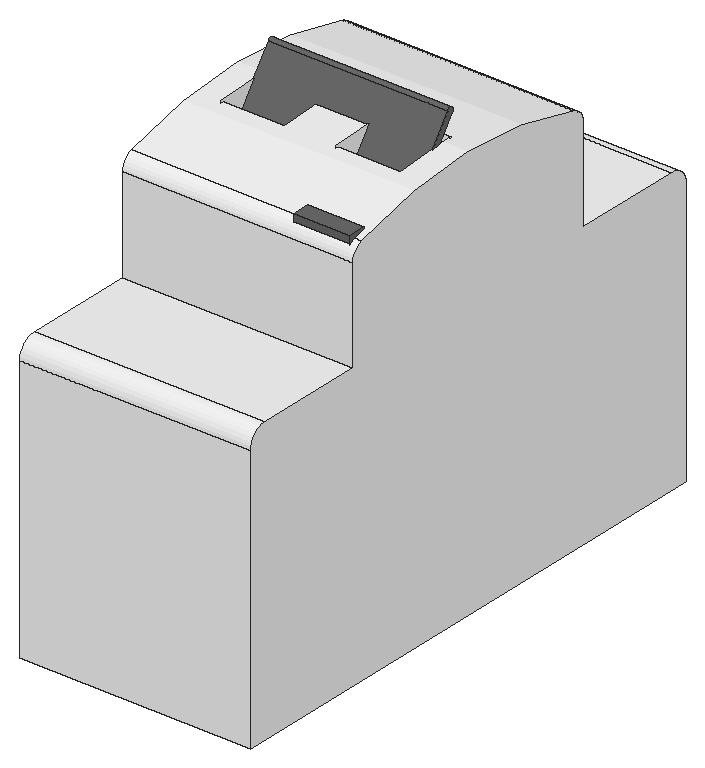
Revit family "Power-ModularDevices-GEWISS-90RCD-MDC45_1PN", category Apparecchi elettrici, host Superficie, Revit 2016 (continued)
Definition of nested family "MAGTERDF"
  Lines and regions (mm)
    detail lines, not visible
      curve 46: circle (-0.56, 2.417, 0) r 0.969 normal (0, 0, 1)
      curve 47: line (-0.005, 3.21, 0) -> (0.852, 4.433, 0)
      curve 48: line (0.852, 4.433, 0) -> (1.529, 3.951, 0)
      curve 49: circle (-0.56, 2.417, 0) r 0.969 normal (0, 0, 1)
      curve 50: line (-0.005, 3.21, 0) -> (0.852, 4.433, 0)
      curve 51: line (0.852, 4.433, 0) -> (1.529, 3.951, 0)
      curve 52: line (-1.245, 3.102, 0) -> (0.124, 1.732, 0)
      curve 53: line (0.124, 3.102, 0) -> (-1.245, 1.732, 0)
      curve 54: line (0.493, 3.921, 0) -> (1.167, 3.442, 0)
      curve 55: line (0.493, 3.921, 0) -> (1.167, 3.442, 0)
      curve 56: circle (-0.56, 2.417, 0) r 0.969 normal (0, 0, 1)
      curve 57: line (-0.005, 3.21, 0) -> (0.852, 4.433, 0)
      curve 58: line (0.852, 4.433, 0) -> (1.529, 3.951, 0)
      curve 59: line (-0.56, 2.979, 0) -> (-0.56, 1.854, 0)
      curve 60: line (0.493, 3.921, 0) -> (1.167, 3.442, 0)
      curve 73: line (-1.644, 2.848, 0) -> (1.644, 2.848, 0)
      curve 74: line (-1.644, 0.61, 0) -> (-1.644, 2.848, 0)
      curve 75: line (1.644, 0.61, 0) -> (-1.644, 0.61, 0)
      curve 76: line (1.644, 2.848, 0) -> (1.644, 0.61, 0)
      curve 77: line (-1.325, 0.987, 0) -> (1.325, 0.987, 0)
      curve 78: circle (0, 1.912, 0) r 0.5 normal (0, 0, 1)
      curve 79: circle (0, 1.912, 0) r 0.8 normal (0, 0, 1)
      curve 80: line (-1.325, 0.987, 0) -> (1.325, 0.987, 0)
      curve 81: line (-0.354, 2.265, 0) -> (0.354, 1.558, 0)
      curve 82: line (0.354, 2.265, 0) -> (-0.354, 1.558, 0)
  Dimensions and locks
    "Distanza dal muro": plane 1 to nested 1
    aligned and locked: curve 5 to curve 3
    aligned and locked: plane 2 to nested 1
  Nested families
    nested 1: "MAGTERDF_BASE" at (0, 4.208, 0), BORDO ACCESO <- "BORDO ACCESO", visible <- "SIMBOLO", type "SIMBOLO"
      with TESTO ELETTRICO "Id", BORDO ACCESO yes
  Definition of nested family "MAGTERDF_BASE"
    Parameters (values of type "SIMBOLO")
      TESTO ELETTRICO [instance] = "Id"
      BORDO ACCESO [instance] = yes
    Reference planes
      plane 1: y = 0
      plane 2: x = 0
    Lines and regions (mm)
      detail lines, visible <- "BORDO ACCESO", not visible
        curve 1: line (-1.943, 9.208, 0) -> (1.857, 9.208, 0)
        curve 2: line (1.857, 9.208, 0) -> (1.857, 4.208, 0)
        curve 3: line (1.857, 4.208, 0) -> (-1.943, 4.208, 0)
        curve 4: line (-1.943, 4.208, 0) -> (-1.943, 9.208, 0)
        curve 5: line (-1.743, 9.008, 0) -> (1.657, 9.008, 0)
        curve 6: line (1.657, 9.008, 0) -> (1.657, 4.408, 0)
        curve 7: line (1.657, 4.408, 0) -> (-1.743, 4.408, 0)
        curve 8: line (-1.743, 4.408, 0) -> (-1.743, 9.008, 0)
      detail lines, not visible
        curve 9: line (-1.644, 2.848, 0) -> (1.644, 2.848, 0)
        curve 10: line (-1.644, 0.61, 0) -> (-1.644, 2.848, 0)
        curve 11: line (1.644, 0.61, 0) -> (-1.644, 0.61, 0)
        curve 12: line (1.644, 2.848, 0) -> (1.644, 0.61, 0)
        curve 13: line (-1.325, 0.987, 0) -> (1.325, 0.987, 0)
        curve 14: circle (0, 1.912, 0) r 0.5 normal (0, 0, 1)
        curve 15: circle (0, 1.912, 0) r 0.8 normal (0, 0, 1)
        curve 16: line (-1.325, 0.987, 0) -> (1.325, 0.987, 0)
        curve 17: line (-0.354, 2.265, 0) -> (0.354, 1.558, 0)
        curve 18: line (0.354, 2.265, 0) -> (-0.354, 1.558, 0)
        curve 19: circle (0, -4.588, 0) r 1 normal (0, 0, 1)
        curve 20: circle (0, -4.588, 0) r 0.749 normal (0, 0, 1)
        curve 21: line (0.53, -5.117, 0) -> (-0.53, -4.058, 0)
        curve 22: line (-0.53, -5.117, 0) -> (0.53, -4.058, 0)
        curve 23: circle (0, -6.992, 0) r 1 normal (0, 0, 1)
        curve 24: circle (0, -6.992, 0) r 0.749 normal (0, 0, 1)
        curve 25: circle (0, -8.992, 0) r 1 normal (0, 0, 1)
        curve 26: circle (0, -8.992, 0) r 0.749 normal (0, 0, 1)
        curve 27: circle (0, 2.508, 0) r 0.527 normal (0, 0, 1)
        curve 28: line (0, 2.809, 0) -> (0, 2.179, 0)
        curve 29: circle (0, 2.508, 0) r 0.394 normal (0, 0, 1)
        curve 30: line (0, 1.982, 0) -> (0, 1.691, 0)
        curve 31: line (-0.162, 1.691, 0) -> (0.162, 1.691, 0)
        curve 32: line (-0.162, 1.691, 0) -> (0, 1.41, 0)
        curve 33: line (0, 1.41, 0) -> (0.162, 1.691, 0)
        curve 34: line (-0.866, 3.093, 0) -> (0.866, 3.093, 0)
        curve 35: line (-0.866, 1.915, 0) -> (-0.866, 3.093, 0)
        curve 36: line (0.866, 1.915, 0) -> (-0.866, 1.915, 0)
        curve 37: line (0.866, 3.093, 0) -> (0.866, 1.915, 0)
        curve 38: line (-0.698, 2.113, 0) -> (0.698, 2.113, 0)
        curve 39: circle (0, 2.6, 0) r 0.263 normal (0, 0, 1)
        curve 40: circle (0, 2.6, 0) r 0.421 normal (0, 0, 1)
        curve 41: line (-0.698, 2.113, 0) -> (0.698, 2.113, 0)
        curve 42: line (-0.186, 2.786, 0) -> (0.186, 2.414, 0)
        curve 43: line (0.186, 2.786, 0) -> (-0.186, 2.414, 0)
        curve 44: circle (0, 2.508, 0) r 0.527 normal (0, 0, 1)
        curve 45: circle (0, 2.508, 0) r 0.394 normal (0, 0, 1)
        curve 46: line (0.279, 2.229, 0) -> (-0.279, 2.787, 0)
        curve 47: line (-0.279, 2.229, 0) -> (0.279, 2.787, 0)
        curve 48: circle (0, 3.035, 0) r 0.527 normal (0, 0, 1)
        curve 49: circle (0, 3.035, 0) r 0.394 normal (0, 0, 1)
        curve 50: circle (0, 1.982, 0) r 0.527 normal (0, 0, 1)
        curve 51: circle (0, 1.982, 0) r 0.394 normal (0, 0, 1)
        curve 52: line (7.117, 11.625, 0) -> (8, 12.528, 0)
        curve 53: line (7.117, 12.528, 0) -> (8, 11.625, 0)
        curve 54: line (4.688, 6.204, 0) -> (10.431, 6.204, 0)
        curve 55: line (10.431, 6.204, 0) -> (10.431, 0.331, 0)
        curve 56: line (10.431, 0.331, 0) -> (4.688, 0.331, 0)
        curve 57: line (4.688, 0.331, 0) -> (4.688, 6.204, 0)
        curve 58: line (4.688, 3.267, 0) -> (10.431, 3.267, 0)
        curve 59: line (5.351, 12.077, 0) -> (7.56, 7.332, 0)
        curve 60: line (7.56, 7.332, 0) -> (7.56, 6.204, 0)
        curve 61: line (7.56, 6.204, 0) -> (7.56, 5.525, 0)
        curve 62: line (7.56, 5.525, 0) -> (8.884, 5.525, 0)
        curve 63: line (8.884, 5.525, 0) -> (8.884, 3.944, 0)
        curve 64: line (8.884, 3.944, 0) -> (7.56, 3.944, 0)
        curve 65: line (7.56, 3.944, 0) -> (7.56, 3.267, 0)
        curve 66: line (7.56, 3.267, 0) -> (7.56, 2.362, 0)
        curve 67: line (7.56, 2.362, 0) -> (8.443, 2.362, 0)
        curve 68: line (8.443, 1.007, 0) -> (7.56, 1.007, 0)
        curve 69: line (7.56, 1.007, 0) -> (7.56, 0.331, 0)
        curve 70: line (5.651, 11.428, 0) -> (6.285, 10.069, 0)
        curve 71: line (6.285, 10.069, 0) -> (5.843, 9.843, 0)
        curve 72: line (5.843, 9.843, 0) -> (5.2, 11.2, 0)
        curve 73: line (5.2, 11.2, 0) -> (5.651, 11.428, 0)
        curve 74: line (5.651, 11.428, 0) -> (5.2, 11.2, 0)
        curve 75: line (5.2, 11.2, 0) -> (5.843, 9.843, 0)
        curve 76: line (5.843, 9.843, 0) -> (6.285, 10.069, 0)
        curve 77: line (6.285, 10.069, 0) -> (5.651, 11.428, 0)
        curve 78: line (5.651, 11.428, 0) -> (5.2, 11.2, 0)
        curve 79: line (5.2, 11.2, 0) -> (5.843, 9.843, 0)
        curve 80: line (5.843, 9.843, 0) -> (6.285, 10.069, 0)
        curve 81: line (6.285, 10.069, 0) -> (5.651, 11.428, 0)
        curve 82: line (5.651, 11.428, 0) -> (5.2, 11.2, 0)
        curve 83: line (5.2, 11.2, 0) -> (5.843, 9.843, 0)
        curve 84: line (5.843, 9.843, 0) -> (6.285, 10.069, 0)
        curve 85: line (4.688, 0.331, 0) -> (10.431, 0.331, 0)
        curve 86: line (10.431, 0.331, 0) -> (10.431, -2.606, 0)
        curve 87: line (10.431, -2.606, 0) -> (4.688, -2.606, 0)
        curve 88: line (4.688, -2.606, 0) -> (4.688, 0.331, 0)
        curve 89: line (7.56, -6.718, 0) -> (7.56, -2.606, 0)
        curve 90: line (7.56, 12.075, 0) -> (7.56, 16.775, 0)
        curve 91: arc (8.443, 2.362, 0) -> (9.12, 1.685, 0) -> (8.443, 1.007, 0) r 0.677
        curve 111: line (-1.483, 1.007, 0) -> (-1.663, 1.007, 0)
        curve 112: line (-1.483, 0.807, 0) -> (-1.483, 1.007, 0)
        curve 113: line (-1.663, 0.807, 0) -> (-1.483, 0.807, 0)
        curve 114: line (-1.663, 1.007, 0) -> (-1.663, 0.807, 0)
        curve 118: arc (1.499, 0.957, 0) -> (1.599, 1.057, 0) -> (1.499, 1.157, 0) r 0.1
        curve 119: line (1.499, 1.157, 0) -> (1.499, 0.957, 0)
      detail lines
        curve 92: line (-0.347, 1.488, 0) -> (0.346, 1.488, 0)
        curve 93: line (0.346, 1.488, 0) -> (0.346, 0.779, 0)
        curve 94: line (0.346, 0.779, 0) -> (-0.347, 0.779, 0)
        curve 95: line (-0.347, 0.779, 0) -> (-0.347, 1.488, 0)
        curve 96: line (-0.347, 1.134, 0) -> (0.346, 1.134, 0)
        curve 97: line (-0.267, 2.197, 0) -> (0, 1.624, 0)
        curve 98: line (0, 1.406, 0) -> (0.16, 1.406, 0)
        curve 99: line (0.16, 1.406, 0) -> (0.16, 1.216, 0)
        curve 100: line (0.16, 1.216, 0) -> (0, 1.216, 0)
        curve 101: line (-0.347, 0.779, 0) -> (0.346, 0.779, 0)
        curve 102: line (0.346, 0.779, 0) -> (0.346, 0.425, 0)
        curve 103: line (0.346, 0.425, 0) -> (-0.347, 0.425, 0)
        curve 104: line (-0.347, 0.425, 0) -> (-0.347, 0.779, 0)
        curve 105: line (0, 0.125, 0) -> (0, 0.863, 0)
        curve 106: line (0, 2.197, 0) -> (0, 2.397, 0)
        curve 107: line (0, 1.053, 0) -> (0.189, 1.053, 0)
        curve 108: line (0.191, 0.863, 0) -> (0, 0.863, 0)
        curve 109: line (-0.071, 2.127, 0) -> (0.068, 2.27, 0)
        curve 110: line (-0.071, 2.27, 0) -> (0.068, 2.127, 0)
        curve 115: line (0, 1.406, 0) -> (0, 1.624, 0)
        curve 116: line (0, 1.053, 0) -> (0, 1.216, 0)
        curve 117: arc (0.191, 0.863, 0) -> (0.26, 0.959, 0) -> (0.189, 1.053, 0) r 0.1
    Text (mm)
      label "Id" at (0.045, 0.601, 0), shows "TESTO ELETTRICO"
      label "TXT" at (0.016, 2.473, 0), shows "TESTO ELETTRICO", not visible
Types (27, lengths in mm): name | URL | Type: | Type | Technical sheet | Rated residual operating current | Rated current: | Rated current (In) | Produttore | Precision | Modello | Idn | IDT | EAN code | Descrizione
  (no name) | 0 | "" | "" | "" | "" | "" | "" | 0 | "" | 0 | "" | "" | "" | 0
  GW94005 - COMPACT RCBO 1P+N C6 4.5KA AC/0.03 2M | "https://www.gewiss.com/ww/en" | "AC" | "AC" | "https://www.gewiss.com/ww/en/search?q=GW94005" | "30 mA" | "6A" | "6A" | "GEWISS S.p.A." | "30 mA" | "GW94005" | "30MA" | "51662c4a-1365-416a-9007-8248b6f1b811" | "8011564059375" | "COMPACT RCBO 1P+N C6 4.5KA AC/0.03 2M"
  GW94006 - COMPACT RCBO 1P+N C10 4.5KA AC/0.03 2M | "https://www.gewiss.com/ww/en" | "AC" | "AC" | "https://www.gewiss.com/ww/en/search?q=GW94006" | "30 mA" | "10A" | "10A" | "GEWISS S.p.A." | "30 mA" | "GW94006" | "30MA" | "b9e9fc25-0236-4926-9fed-2d624ba77b01" | "8011564059382" | "COMPACT RCBO 1P+N C10 4.5KA AC/0.03 2M"
  GW94011 - COMPACT RCBO 1P+N C13 4,5KA AC/0,03 2M | "https://www.gewiss.com/ww/en" | "AC" | "AC" | "https://www.gewiss.com/ww/en/search?q=GW94011" | "30 mA" | "13A" | "13A" | "GEWISS S.p.A." | "30 mA" | "GW94011" | "30MA" | "76d34a3e-2eb9-4118-84f0-2be93d3072e4" | "8011564225541" | "COMPACT RCBO 1P+N C13 4,5KA AC/0,03 2M"
  GW94007 - COMPACT RCBO 1P+N C16 4.5KA AC/0.03 2M | "https://www.gewiss.com/ww/en" | "AC" | "AC" | "https://www.gewiss.com/ww/en/search?q=GW94007" | "30 mA" | "16A" | "16A" | "GEWISS S.p.A." | "30 mA" | "GW94007" | "30MA" | "153657a1-8f10-4e07-9184-0fe48a931e75" | "8011564059399" | "COMPACT RCBO 1P+N C16 4.5KA AC/0.03 2M"
  GW94008 - COMPACT RCBO 1P+N C20 4.5KA AC/0.03 2M | "https://www.gewiss.com/ww/en" | "AC" | "AC" | "https://www.gewiss.com/ww/en/search?q=GW94008" | "30 mA" | "20A" | "20A" | "GEWISS S.p.A." | "30 mA" | "GW94008" | "30MA" | "d82b18ce-144e-4fbb-a876-de29db0c9546" | "8011564059405" | "COMPACT RCBO 1P+N C20 4.5KA AC/0.03 2M"
  GW94009 - COMPACT RCBO 1P+N C25 4.5KA AC/0.03 2M | "https://www.gewiss.com/ww/en" | "AC" | "AC" | "https://www.gewiss.com/ww/en/search?q=GW94009" | "30 mA" | "25A" | "25A" | "GEWISS S.p.A." | "30 mA" | "GW94009" | "30MA" | "1ec87ab8-c2a7-4138-8781-d211c8b8f269" | "8011564059412" | "COMPACT RCBO 1P+N C25 4.5KA AC/0.03 2M"
  GW94010 - COMPACT RCBO 1P+N C32 4.5KA AC/0.03 2M | "https://www.gewiss.com/ww/en" | "AC" | "AC" | "https://www.gewiss.com/ww/en/search?q=GW94010" | "30 mA" | "32A" | "32A" | "GEWISS S.p.A." | "30 mA" | "GW94010" | "30MA" | "b70eef93-43ec-432f-b6ac-7d8ab637025d" | "8011564059429" | "COMPACT RCBO 1P+N C32 4.5KA AC/0.03 2M"
  GW94015 - COMPACT RCBO 1P+N C6 4.5KA AC/0.3 2M | "https://www.gewiss.com/ww/en" | "AC" | "AC" | "https://www.gewiss.com/ww/en/search?q=GW94015" | "300 mA" | "6A" | "6A" | "GEWISS S.p.A." | "300 mA" | "GW94015" | "300MA" | "fc35f661-fede-48a9-961f-94593b730506" | "8011564059436" | "COMPACT RCBO 1P+N C6 4.5KA AC/0.3 2M"
  GW94016 - COMPACT RCBO 1P+N C10 4.5KA AC/0.3 2M | "https://www.gewiss.com/ww/en" | "AC" | "AC" | "https://www.gewiss.com/ww/en/search?q=GW94016" | "300 mA" | "10A" | "10A" | "GEWISS S.p.A." | "300 mA" | "GW94016" | "300MA" | "7d02b0a3-ad2c-486c-bc1f-4f306d8118b3" | "8011564059443" | "COMPACT RCBO 1P+N C10 4.5KA AC/0.3 2M"
  GW94017 - COMPACT RCBO 1P+N C16 4.5KA AC/0.3 2M | "https://www.gewiss.com/ww/en" | "AC" | "AC" | "https://www.gewiss.com/ww/en/search?q=GW94017" | "300 mA" | "16A" | "16A" | "GEWISS S.p.A." | "300 mA" | "GW94017" | "300MA" | "9b4524a3-963f-4ab4-9090-c76936ea9063" | "8011564059450" | "COMPACT RCBO 1P+N C16 4.5KA AC/0.3 2M"
  GW94018 - COMPACT RCBO 1P+N C20 4.5KA AC/0.3 2M | "https://www.gewiss.com/ww/en" | "AC" | "AC" | "https://www.gewiss.com/ww/en/search?q=GW94018" | "300 mA" | "20A" | "20A" | "GEWISS S.p.A." | "300 mA" | "GW94018" | "300MA" | "a84a510e-be2f-4966-8d93-70d6c3265991" | "8011564059467" | "COMPACT RCBO 1P+N C20 4.5KA AC/0.3 2M"
  GW94019 - COMPACT RCBO 1P+N C25 4.5KA AC/0.3 2M | "https://www.gewiss.com/ww/en" | "AC" | "AC" | "https://www.gewiss.com/ww/en/search?q=GW94019" | "300 mA" | "25A" | "25A" | "GEWISS S.p.A." | "300 mA" | "GW94019" | "300MA" | "cef96ec3-419a-4684-a05c-22edd7efdc2c" | "8011564059474" | "COMPACT RCBO 1P+N C25 4.5KA AC/0.3 2M"
  GW94020 - COMPACT RCBO 1P+N C32 4.5KA AC/0.3 2M | "https://www.gewiss.com/ww/en" | "AC" | "AC" | "https://www.gewiss.com/ww/en/search?q=GW94020" | "300 mA" | "32A" | "32A" | "GEWISS S.p.A." | "300 mA" | "GW94020" | "300MA" | "3425e879-46bd-4b3e-a542-a13c6902d191" | "8011564059481" | "COMPACT RCBO 1P+N C32 4.5KA AC/0.3 2M"
  GW94205 - COMPACT RCBO 1P+N C6 4.5KA A/0.03 2M | "https://www.gewiss.com/ww/en" | "A" | "A" | "https://www.gewiss.com/ww/en/search?q=GW94205" | "30 mA" | "6A" | "6A" | "GEWISS S.p.A." | "30 mA" | "GW94205" | "30MA" | "7dc56081-730b-49ea-98f8-d58f551e8913" | "8011564060333" | "COMPACT RCBO 1P+N C6 4.5KA A/0.03 2M"
  GW94206 - COMPACT RCBO 1P+N C10 4.5KA A/0.03 2M | "https://www.gewiss.com/ww/en" | "A" | "A" | "https://www.gewiss.com/ww/en/search?q=GW94206" | "30 mA" | "10A" | "10A" | "GEWISS S.p.A." | "30 mA" | "GW94206" | "30MA" | "2ae24f4e-52d4-4f03-bb81-b4c13d226502" | "8011564060340" | "COMPACT RCBO 1P+N C10 4.5KA A/0.03 2M"
  GW94211 - COMPACT RCBO 1P+N C13 4.5KA A/0.03 2M | "https://www.gewiss.com/ww/en" | "A" | "A" | "https://www.gewiss.com/ww/en/search?q=GW94211" | "30 mA" | "13A" | "13A" | "GEWISS S.p.A." | "30 mA" | "GW94211" | "30MA" | "24baf617-e5b8-4e38-9a71-b7b85e2019a6" | "8011564225626" | "COMPACT RCBO 1P+N C13 4.5KA A/0.03 2M"
  GW94207 - COMPACT RCBO 1P+N C16 4.5KA A/0.03 2M | "https://www.gewiss.com/ww/en" | "A" | "A" | "https://www.gewiss.com/ww/en/search?q=GW94207" | "30 mA" | "16A" | "16A" | "GEWISS S.p.A." | "30 mA" | "GW94207" | "30MA" | "af781d0e-8874-4362-a293-cd04dd33e09c" | "8011564060357" | "COMPACT RCBO 1P+N C16 4.5KA A/0.03 2M"
  GW94208 - COMPACT RCBO 1P+N C20 4.5KA A/0.03 2M | "https://www.gewiss.com/ww/en" | "A" | "A" | "https://www.gewiss.com/ww/en/search?q=GW94208" | "30 mA" | "20A" | "20A" | "GEWISS S.p.A." | "30 mA" | "GW94208" | "30MA" | "540bc24e-4749-4395-9010-cd8f07caff63" | "8011564060364" | "COMPACT RCBO 1P+N C20 4.5KA A/0.03 2M"
  GW94209 - COMPACT RCBO 1P+N C25 4.5KA A/0.03 2M | "https://www.gewiss.com/ww/en" | "A" | "A" | "https://www.gewiss.com/ww/en/search?q=GW94209" | "30 mA" | "25A" | "25A" | "GEWISS S.p.A." | "30 mA" | "GW94209" | "30MA" | "4eb50c23-4238-43ca-ad8e-a4d49cfa3f49" | "8011564060371" | "COMPACT RCBO 1P+N C25 4.5KA A/0.03 2M"
  GW94210 - COMPACT RCBO 1P+N C32 4.5KA A/0.03 2M | "https://www.gewiss.com/ww/en" | "A" | "A" | "https://www.gewiss.com/ww/en/search?q=GW94210" | "30 mA" | "32A" | "32A" | "GEWISS S.p.A." | "30 mA" | "GW94210" | "30MA" | "b9d2a4b0-c26b-4168-bd41-d5040f09b2f0" | "8011564060388" | "COMPACT RCBO 1P+N C32 4.5KA A/0.03 2M"
  GW94215 - COMPACT RCBO 1P+N C6 4.5KA A/0.3 2M | "https://www.gewiss.com/ww/en" | "A" | "A" | "https://www.gewiss.com/ww/en/search?q=GW94215" | "300 mA" | "6A" | "6A" | "GEWISS S.p.A." | "300 mA" | "GW94215" | "300MA" | "0ca8d68d-bf75-4259-b206-8a1b6b456b35" | "8011564060395" | "COMPACT RCBO 1P+N C6 4.5KA A/0.3 2M"
  GW94216 - COMPACT RCBO 1P+N C10 4.5KA A/0.3 2M | "https://www.gewiss.com/ww/en" | "A" | "A" | "https://www.gewiss.com/ww/en/search?q=GW94216" | "300 mA" | "10A" | "10A" | "GEWISS S.p.A." | "300 mA" | "GW94216" | "300MA" | "7189572d-021c-4f40-a08c-e6801a7b450b" | "8011564060401" | "COMPACT RCBO 1P+N C10 4.5KA A/0.3 2M"
  GW94217 - COMPACT RCBO 1P+N C16 4.5KA A/0.3 2M | "https://www.gewiss.com/ww/en" | "A" | "A" | "https://www.gewiss.com/ww/en/search?q=GW94217" | "300 mA" | "16A" | "16A" | "GEWISS S.p.A." | "300 mA" | "GW94217" | "300MA" | "8bce037c-c660-4cf7-83d9-2781570189a5" | "8011564060418" | "COMPACT RCBO 1P+N C16 4.5KA A/0.3 2M"
  GW94218 - COMPACT RCBO 1P+N C20 4.5KA A/0.3 2M | "https://www.gewiss.com/ww/en" | "A" | "A" | "https://www.gewiss.com/ww/en/search?q=GW94218" | "300 mA" | "20A" | "20A" | "GEWISS S.p.A." | "300 mA" | "GW94218" | "300MA" | "38c1cd83-f779-46d2-9964-cb12fbb11ca7" | "8011564060425" | "COMPACT RCBO 1P+N C20 4.5KA A/0.3 2M"
  GW94219 - COMPACT RCBO 1P+N C25 4.5KA A/0.3 2M | "https://www.gewiss.com/ww/en" | "A" | "A" | "https://www.gewiss.com/ww/en/search?q=GW94219" | "300 mA" | "25A" | "25A" | "GEWISS S.p.A." | "300 mA" | "GW94219" | "300MA" | "7e2df65d-0fd9-41e6-92d4-1fea4e4113e7" | "8011564060432" | "COMPACT RCBO 1P+N C25 4.5KA A/0.3 2M"
  GW94220 - COMPACT RCBO 1P+N C32 4.5KA A/0.3 2M | "https://www.gewiss.com/ww/en" | "A" | "A" | "https://www.gewiss.com/ww/en/search?q=GW94220" | "300 mA" | "32A" | "32A" | "GEWISS S.p.A." | "300 mA" | "GW94220" | "300MA" | "0516166c-3e97-4141-ac00-fa2d670c4de4" | "8011564060449" | "COMPACT RCBO 1P+N C32 4.5KA A/0.3 2M"
